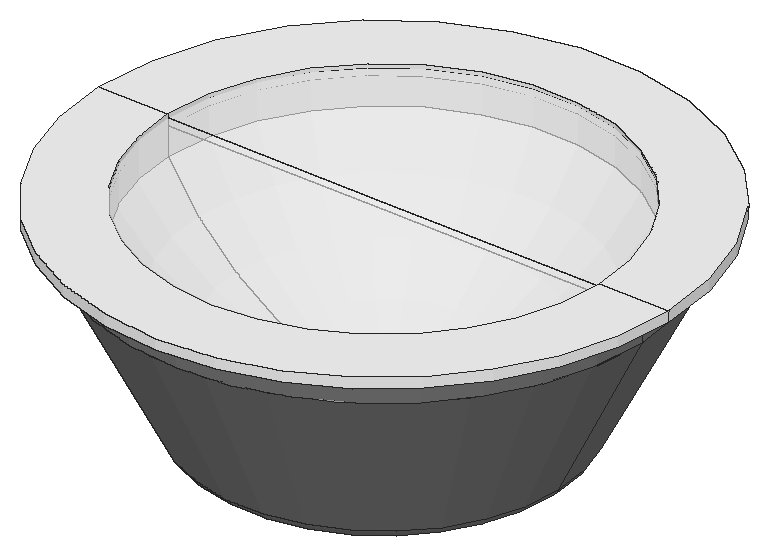
Revit family "30508", category Lighting Fixtures, host Face, Revit 2018
Family settings
  Host = Face
  Round Connector Dimension = Use Diameter
  Part Type = Normal
  OmniClass Number = 23.80.70.00
  OmniClass Title = Lighting
  Cut with Voids When Loaded = No
  Light Source = Yes
  Shared = No
  Room Calculation Point = No
Parameters (values of type "0030508 INSAVER SL IP44 225 MULTI4050- 4800 830")
  WidthBezel_SYL = if(Size1_SYL, 20 mm, if(Size2_SYL, 20 mm, if(Size3PIR_SYL, 30 mm, if(Size4_SYL, 20 mm, 20 mm))))  # 20 mm
  Weight = "n/a"
  Wattage Comments = ""
  Wattage = 9 W
  WarrantyStartDate [instance] = "n/a"
  WarrantyGuarantorParts = "n/a"
  WarrantyDurationUnit = "n/a"
  WarrantyDurationParts = ""
  WarrantyDescription = "http://www.sylvania-lighting.com"
  built-in parameter 1150110 = 1 (stored number, unit not read)
  Voltage = 230 V
  VisibilityPIR_SYL = Size3PIR_SYL  # no
  URL = "0.9"
  TypeName = "Insaver Slim IP44 225 Multi4050- 4800lm 830"
  Type Image = <None>
  Type Comments = "n/a"
  built-in parameter 1114217 = 1 (stored number, unit not read)
  Tilt Angle = -90.00°
  built-in parameter 1150109 = 1 (stored number, unit not read)
  built-in parameter 1150134 = (empty or 0)
  built-in parameter 1150113 = 1 (stored number, unit not read)
  Size4_SYL = no
  Size3PIR_SYL = no
  Size2_SYL = no
  Size1_SYL = yes
  SerialNumber [instance] = "n/a"
  RadiusTop_SYL = 6 mm
  RadiusReflector_SYL = if(Size1_SYL, 85 mm, if(Size2_SYL, 85 mm, if(Size3PIR_SYL, 85 mm, if(Size4_SYL, 100 mm, 120 mm))))  # 85 mm
  Photometric Web File = "0030508.IES"
  Material_3_FEILO = Top-Sylvania-STARTDownlight
  PowerFactor = 0.9
  PowerConsumption = "Lighting"
  NominalLength = 165 mm
  NominalHeight = 50 mm
  NominalDepth = 165 mm
  Name = "Insaver Slim IP44 225 Multi4050- 4800lm 830"
  ModelReference = Name  # "Insaver Slim IP44 225 Multi4050- 4800lm 830"
  ModelNumber = "0030508"
  Model = Name  # "Insaver Slim IP44 225 Multi4050- 4800lm 830"
  Material = "Feilo Sylvania"
  ManufacturerName = "117 lm/W"
  Manufacturer = ""
  LuminousEfficacy = ""
  built-in parameter 1150105 = 83.795 (stored number, unit not read)
  Lumens = 1053 lm
  LuminaireType = "0"
  built-in parameter 1150115 = 1 (stored number, unit not read)
  LightOutputRatio = "LED"
  built-in parameter 1150137 = (empty or 0)
  built-in parameter 1150139 = (empty or 0)
  LampsType = Lamp  # "n/a"
  LampNominalLuminous = "3000 K"
  LampMacAdamStep = "80"
  LampColourTemperature = "LED"
  LampColourRenderingIndex = "16500"
  built-in parameter 1150112 = 1 (stored number, unit not read)
  built-in parameter 1150114 = 1 (stored number, unit not read)
  Lamp = "n/a"
  Keynote = "n/a"
  InstallationDate [instance] = "n/a"
  InputVoltage = "0"
  InputNominalFrequency = "3000"
  built-in parameter 1150132 = (empty or 0)
  built-in parameter 1150102 = (empty or 0)
  built-in parameter 1150107 = 3000 (stored number, unit not read)
  built-in parameter 1150138 = (empty or 0)
  IngressProtection = "IfcLightFixtureType"
  ImpactProtectionIndex = "IfcLightFixtureType"
  built-in parameter 1150106 = 0.83795 (stored number, unit not read)
  IfcExportType = "IfcLightFixtureType"
  IfcExportAs = "Class II"
  Height_SYL = if(Size1_SYL, 61 mm, if(Size2_SYL, 61 mm, if(Size3PIR_SYL, 61 mm, if(Size4_SYL, 61 mm, 60 mm))))  # 61 mm
  HeightBezel_SYL = if(Size1_SYL, 3 mm, if(Size2_SYL, 3 mm, if(Size3PIR_SYL, 3 mm, if(Size4_SYL, 3.2 mm, 3 mm))))  # 3 mm
  ExpectedLife = 50000
  Emit from Circle Diameter = Diameter_SYL - 40 mm  # 125 mm
  Emit Shape Visible in Rendering = no
  ElectricShockClassification = "117"
  built-in parameter 1150104 = 10.87 (stored number, unit not read)
  DurationUnit = "hours"
  DocumentationLiterature = "http://www.sylvania-lighting.com/product/en-int/products/0030508"
  DimmingControlOptions = "n/a"
  Material_2_FEILO = Diffuser-Sylvania-STARTDownlight
  Dimming Lamp Color Temperature Shift = <None>
  Diameter_SYL = if(Size1_SYL, 165 mm, if(Size2_SYL, 190 mm, if(Size3PIR_SYL, 211 mm, if(Size4_SYL, 220 mm, 240 mm))))  # 165 mm
  DiameterTop_SYL = if(Size1_SYL, 98 mm, if(Size2_SYL, 122 mm, if(Size3PIR_SYL, 120 mm, if(Size4_SYL, 135 mm, 158 mm))))  # 98 mm
  DiameterTopBase_SYL = DiameterRecess_SYL  # 150 mm
  DiameterRecess_SYL = if(Size1_SYL, 150 mm, if(Size2_SYL, 170 mm, if(Size3PIR_SYL, 186 mm, if(Size4_SYL, 200 mm, 225 mm))))  # 150 mm
  Description = "Insaver Slim is a ceiling recessed LED downlight (IP44 from the front),Die-cast aluminium body, loop in loop out connector for quick installation, Non dimmable LED driver, 3000K; UGR <19 with shallow product depth 60mm.The range features a multipower functionality where the luminous flux of the luminaire can be tailored to local needs by only setting a quick selector switch on the driver. 8 steps available with adjustable lumen output of 4050 – 4800lm  at 3000K .  Meets TP(a) requirements."
  Default Elevation = 1219.2 mm
  CreatedOn = "05/03/2024"
  CreatedBy = "@sylvania-lighting.com"
  Cost = 0
  Color Filter = 16777215
  built-in parameter 1114216 [instance] = (empty or 0)
  ClassificationValue = "EF_70_80"
  ClassificationName = "Uniclass2015"
  Material_1_FEILO = Trim-Sylvania-STARTDownlight-White
  BarCode [instance] = "n/a"
  built-in parameter 1114218 = 1 (stored number, unit not read)
  built-in parameter 1150133 = 10 (stored number, unit not read)
  AssetType = "Fixed"
  AssetIdentifier [instance] = "n/a"
  Assembly Code = "D5020200"
  Apparent Load = 41 VA
  Material_4_FEILO = LED-Sylvania-STARTDownlight
Reference planes
  plane 1 "Center (Front/Back)": y = 0
  plane 2: z = 0
  plane 3 "Center (Left/Right)": x = 0
  plane 4: x = 82.5
  plane 5: x = -82.5
  plane 6: z = 3
  plane 7: z = -8
  plane 8: z = -58
  plane 9: x = -75
  plane 10: x = 75
  plane 11: x = -49
  plane 12: x = 49
  plane 13: z = -85
  plane 14: x = -62.5
  plane 15: z = 2
  plane 16: z = -46
  plane 17: x = -16
  plane 18: x = -67.5
  plane 19: x = -81.5
  plane 20: x = -99.5
  plane 21: x = -76.5
  plane 22: z = 5.5
  plane 23: z = 8.7
  plane 24: x = -75.5
  plane 25: z = 13.7
Forms (mm)
  Revolve 1, void
    sketch origin (0, 0, 0) x (1, 0, 0) y (0, 0, 1)
      loop
        line (0, 0) -> (-75, 0) -> (-75, -85) -> (0, -85) -> (0, 0)
      axis (0, 0) -> (0, -85)
    angle from 360 to 0
  Revolve 2, solid, material "Trim-Sylvania-STARTDownlight-White" <- "Material_1_FEILO"
    sketch origin (0, 0, 0) x (1, 0, 0) y (0, 0, 1)
      loop
        line (-62.5, 3) -> (-82.5, 3) -> (-82.5, 0) -> (-75, 0) -> (-75, -8) -> (-50.681, -54.768)
        arc (-50.681, -54.768) -> (-48.471, -57.129) -> (-45.357, -58) r 6
        line (-45.357, -58) -> (0, -58) -> (0, -46) -> (-16, -46)
        arc (-16, -46) -> (-42.718, -31.243) -> (-62.5, -8) r 85
        line (-62.5, -8) -> (-62.5, 3)
      axis (0, 3) -> (0, -58)
    angle from 360 to 0
  Revolve 3, solid, material "Diffuser-Sylvania-STARTDownlight" <- "Material_2_FEILO"
    sketch origin (0, 0, 0) x (1, 0, 0) y (0, 0, 1)
      loop
        line (-62.5, 0) -> (0, 0) -> (0, 2) -> (-62.5, 2) -> (-62.5, 0)
      axis (0, 2) -> (0, 0)
    angle from 360 to 0
  Revolve 4, solid, material "Trim-Sylvania-STARTDownlight-White" <- "Material_1_FEILO", visible <- "VisibilityPIR_SYL"
    sketch origin (0, 0, 0) x (1, 0, 0) y (0, 0, 1)
      loop
        line (-67.5, 3) -> (-67.5, 13.7)
        arc (-67.5, 13.7) -> (-72.217, 12.347) -> (-75.5, 8.7) r 8.9
        line (-75.5, 8.7) -> (-75.5, 5.5) -> (-76.5, 5.5) -> (-76.5, 3) -> (-67.5, 3)
      axis (-67.5, 13.7) -> (-67.5, 3)
    angle from 360 to 0
Dimensions and locks
  equal spacing: plane 4, plane 3 "Center (Left/Right)", plane 5
  "Diameter_SYL": plane 4 to plane 5
  equal spacing: plane 10, plane 3 "Center (Left/Right)", plane 9
  equal spacing: plane 12, plane 3 "Center (Left/Right)", plane 11
  "DiameterTop_SYL": plane 12 to plane 11
  "HeightBezel_SYL": plane 6 to plane 2
  "Height_SYL": plane 6 to plane 8
  locked: plane 2 to plane 7 at 8
  locked: plane 2 to plane 13 at 85
  "WidthBezel_SYL": plane 14 to plane 5
  locked: plane 6 to plane 15 at 1
  "DiameterRecess_SYL": plane 10 to plane 9
  locked: plane 3 "Center (Left/Right)" to plane 17 at 16
  locked: plane 16 to plane 8 at 12
  locked: plane 18 to plane 21 at 9
  locked: plane 22 to plane 6 at 2.5
  locked: plane 23 to plane 22 at 3.2
  locked: plane 18 to plane 24 at 8
  locked: plane 25 to plane 23 at 5
  locked: plane 25 to Revolve 4 sketch curve at 8.9
  locked: plane 18 to plane 5 at 15
  "RadiusReflector_SYL": radius of Revolve 2 sketch curve
  "RadiusTop_SYL": radius of Revolve 2 sketch curve
  aligned and locked: plane 2 to host face
  aligned and locked: level to host face
  aligned and locked: Revolve 1 sketch curve to plane 3 "Center (Left/Right)"
  aligned and locked: plane 3 "Center (Left/Right)" to Revolve 1 sketch curve
  aligned and locked: Revolve 1 sketch curve to plane 9
  aligned and locked: plane 13 to Revolve 1 sketch curve
  aligned and locked: plane 3 "Center (Left/Right)" to imposter light
  aligned and locked: imposter light to plane 15
  aligned and locked: imposter light to plane 1 "Center (Front/Back)"
  aligned and locked: Revolve 2 sketch curve to plane 3 "Center (Left/Right)"
  aligned and locked: Revolve 2 sketch curve to plane 6
  aligned and locked: Revolve 2 sketch curve to plane 5
  aligned and locked: Revolve 2 sketch curve to level
  aligned and locked: plane 7 to Revolve 2 sketch curve  (x2)
  aligned and locked: Revolve 2 sketch curve to plane 9
  aligned and locked: plane 8 to Revolve 2 sketch curve
  aligned and locked: Revolve 2 sketch curve to plane 14
  aligned and locked: plane 3 "Center (Left/Right)" to Revolve 2 sketch curve
  aligned and locked: Revolve 2 sketch curve to plane 16
  aligned and locked: Revolve 3 sketch curve to plane 3 "Center (Left/Right)"
  aligned and locked: Revolve 3 sketch curve to level
  aligned and locked: imposter light to Revolve 3 sketch curve  (x2)
  aligned and locked: Revolve 4 sketch curve to plane 18  (x2)
  aligned and locked: Revolve 4 sketch curve to plane 6
  aligned and locked: plane 22 to Revolve 4 sketch curve
  aligned and locked: plane 24 to Revolve 4 sketch curve
  aligned and locked: Revolve 4 sketch curve to Revolve 4 sketch curve
  aligned and locked: plane 21 to Revolve 4 sketch curve
Automatic sketch dimensions
  host sketch curve to host sketch curve = 2438.4 mm  (x2)
  plane 13 to Revolve 1 sketch curve = 524.6 mm
  Revolve 1 sketch curve to plane 6 = 2606.058 mm
  Revolve 1 sketch curve to level = 0 mm
  Revolve 2 sketch curve to plane 17 = 0 mm
  Revolve 2 sketch curve to plane 11 = 1.681 mm
  plane 11 to Revolve 2 sketch curve = 3.643 mm
  plane 13 to Revolve 2 sketch curve = 524.6 mm
  Revolve 2 sketch curve to Revolve 2 sketch curve = 2577.983 mm
  Revolve 3 sketch curve to plane 14 = 0 mm
  plane 13 to Revolve 3 sketch curve = 524.6 mm
  Revolve 3 sketch curve to plane 6 = 2606.058 mm
  Revolve 4 sketch curve to plane 23 = 0 mm
  plane 13 to Revolve 4 sketch curve = 524.6 mm
  Revolve 4 sketch curve to Revolve 4 sketch curve = 2595.358 mm
Connectors
  electrical at (0, 0, 0), driven by "Apparent Load", driven by "PowerFactor", driven by "Voltage"
    settings: index 1, voltage 230 V, apparent load 41 VA, apparent load phase1 0 VA, apparent load phase2 0 VA, apparent load phase3 0 VA, power factor 0.9, load classification "Lighting", number of poles 1, system type 30, power factor state 1, is connector primary yes, connector utility no, sub classification motor no, connector description ""
